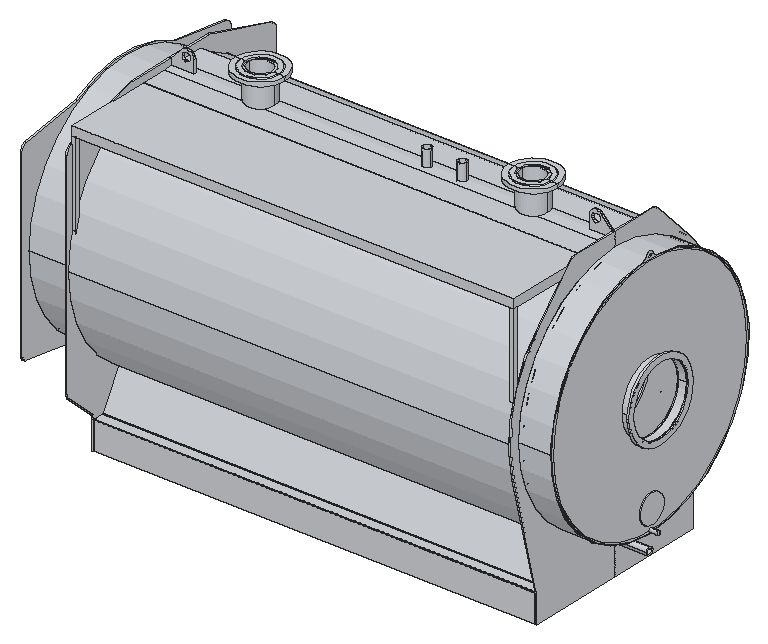
Revit family "BIMON_Котел_Водогрейный_TEMRON_WL1750", category Оборудование, Revit 2019
Family settings
  Размер круглого соединителя = Использовать диаметр
  Классификация = Нет
  Тип детали = Нормальный
  На основе рабочей плоскости = Нет
  Всегда вертикально = Да
  При загрузке вырезать с полостями = Нет
  Общий = Нет
  Точка расчета площади = Нет
Parameters
  УГО_Резмер [instance] = 0 mm
  УГО [instance] = yes
  Разработчик_Сайт = "https://www.bimon.ru/"
  Разработчик = "BIMON"  # constant formula
  Изготовитель = "Temron"  # constant formula
  URL = "https://temron.ru/catalog/temron-wl/main-wl/"
  TERMON_Расход уходящих газов = "2822 кг/ч"
  TEMRON_Теплопроизводительность = "1.75 МВт/1.504 (Гкал/ч)"
  TEMRON_Температура уходящих газов = "180-185 /185-190 °С"
  TEMRON_Температура на выходе из котла = "110 °С"
  TEMRON_Температура на входе в котёл = "60 °С"
  TEMRON_Сопротивление газового тракта = "7 мбар"
  TEMRON_Расход топлива для природного газа = "193.8 м³/ч"
  TEMRON_Расход воды через котел = "60.1 м³/ч"
  TEMRON_Номинальная производительность = "1.75 МВт"
  TEMRON_Максимальное рабочее давление = "0.6 МПа"
  TEMRON_Максимальная температура пара = 110 mm
  TEMRON_КПД = "92.4 %"
  TEMRON_Водяной объём котла = "1.85 м³"
  D5_Уходящие газы = 430 mm  # constant formula
  D4_Дренажный патрубок газового котла = 15 mm  # constant formula
  D3_Дренажный патрубок = 32 mm  # constant formula
  D2_Аварийная линия = 40 mm  # constant formula
  D1_Выход теплоносителя = 150 mm  # constant formula
  D1_Вход теплоносителя = 150 mm  # constant formula
  ADSK_Этаж [instance] = ""
  ADSK_Расход жидкости [instance] = 0.0 L/s
  ADSK_Расход воздуха [instance] = 0.0 L/s
  ADSK_Примечание [instance] = ""
  ADSK_Позиция [instance] = ""
  ADSK_Обозначение = ADSK_Марка  # "WL 1750"
  ADSK_Наименование краткое [instance] = "Котел низкого давления"
  ADSK_Наименование = "Водогрейный котел низкого давления"
  ADSK_Материал = none
  ADSK_Масса_Текст = "2801"
  ADSK_Масса = 2801  # constant formula
  ADSK_Марка = "WL 1750"  # constant formula
  ADSK_Количество = 1  # constant formula
  ADSK_Код изделия = ""
  ADSK_Завод-изготовитель = "Temron"  # constant formula
  ADSK_Единица измерения = "шт"  # constant formula
  ADSK_URL страницы изделия = "https://temron.ru/catalog/temron-wl/vodogreynye-kotly-nizkogo-davleniya-temron-wl-1750/"
Reference planes
  plane 1 "По центру (Вперед/Назад)": y = 0
  plane 2: z = 0
  plane 3 "По центру (Влево/Вправо)": x = 0
  plane 4: z = 1578
  plane 5: z = 1707
  plane 6: z = 1709
  plane 7: z = 1600.288
  plane 8: z = 985
  plane 9: z = 985
  plane 10: z = 985
  plane 11: z = 985
  plane 12: z = 1600.288
  plane 13: z = 985
  plane 14: z = 985
  plane 15: z = 985
Forms (mm)
  Extrusion 1, solid, detail levels fine
    sketch origin (0, 0, -65) x (0, 1, 0) y (0, 0, 1)
      loop
        circle (0, 1050) r 678
      loop
        circle (0, 1050) r 670
    from -1250 to 1240
  Extrusion 2, solid, detail levels fine
    sketch origin (-1260, 1234.069, 1135) x (0, 1, 0) y (0, 0, 1)
      loop
        circle (-1236.366, -150) r 678
      loop
        circle (-1236.366, -150) r 670
    from 0 to -10
  Extrusion 3, solid, detail levels fine
    sketch origin (-1260, 1234.069, 1135) x (0, 1, 0) y (0, 0, 1)
      loop
        circle (-1234.069, -150) r 678
      loop
        circle (-1234.069, -150) r 160
    from 0 to -1
  Extrusion 4, solid, detail levels fine
    sketch origin (1248.214, 1168.888, 1135) x (0, 1, 0) y (0, 0, 1)
      loop
        circle (-1168.888, -150) r 668
      loop
        circle (-1168.888, -150) r 678
    from 0 to 10
  Extrusion 5, solid, detail levels fine
    sketch origin (1248, 1168.888, 1135) x (0, 1, 0) y (0, 0, 1)
      loop
        circle (-1168.888, -150) r 678
      loop
        circle (-1168.888, -150) r 180
    from 0 to 10
  Extrusion 6, solid, detail levels fine
    sketch origin (-1260, 1234.069, 1510) x (0, 1, 0) y (0, 0, 1)
      loop
        line (-684.069, -1350) -> (-748.069, -1350) -> (-748.069, -1353.5)
        arc (-748.069, -1353.5) -> (-746.458, -1357.389) -> (-742.569, -1359) r 5.5
        line (-742.569, -1359) -> (-698.769, -1359)
        arc (-698.769, -1359) -> (-692.051, -1361.783) -> (-689.269, -1368.5) r 9.5
        line (-689.269, -1368.5) -> (-689.269, -1491.5)
        arc (-689.269, -1491.5) -> (-692.051, -1498.218) -> (-698.769, -1501) r 9.5
        line (-698.769, -1501) -> (-742.569, -1501)
        arc (-742.569, -1501) -> (-746.458, -1502.611) -> (-748.069, -1506.5) r 5.5
        line (-748.069, -1506.5) -> (-748.069, -1510) -> (-684.069, -1510) -> (-684.069, -1350)
      loop
        line (-1784.069, -1350) -> (-1784.069, -1510) -> (-1720.069, -1510) -> (-1720.069, -1506.5)
        arc (-1720.069, -1506.5) -> (-1721.68, -1502.611) -> (-1725.569, -1501) r 5.5
        line (-1725.569, -1501) -> (-1769.369, -1501)
        arc (-1769.369, -1501) -> (-1776.086, -1498.218) -> (-1778.869, -1491.5) r 9.5
        line (-1778.869, -1491.5) -> (-1778.869, -1368.5)
        arc (-1778.869, -1368.5) -> (-1776.086, -1361.783) -> (-1769.369, -1359) r 9.5
        line (-1769.369, -1359) -> (-1725.569, -1359)
        arc (-1725.569, -1359) -> (-1721.68, -1357.389) -> (-1720.069, -1353.5) r 5.5
        line (-1720.069, -1353.5) -> (-1720.069, -1350) -> (-1784.069, -1350)
    from 10 to 2500
  Sweep 7, solid, detail levels fine
    path origin (500, 0, -254.979) x (1, 0, 0) y (0, 0, 1)
      loop
        line (600, 579.979) -> (600, 529.979)
        arc (600, 529.979) -> (621.967, 476.946) -> (675, 454.979) r 75
        line (675, 454.979) -> (945, 454.979)
    profile origin (1100, 0, 300) x (0, -1, 0) y (1, 0, 0)
      loop
        circle (0, 0) r 21
      loop
        circle (0, 0) r 18
  Extrusion 8, solid, detail levels fine
    sketch origin (-1260, 1234.069, 1135) x (0, 1, 0) y (0, 0, 1)
      loop
        circle (-1236.366, -150) r 728
      loop
        circle (-1236.366, -150) r 729
    from 0 to 2500
  Extrusion 9, solid, detail levels fine
    sketch origin (-1260, 1234.069, 963) x (0, 1, 0) y (0, 0, 1)
      loop
        line (-1034.069, 652.488) -> (-1034.069, 746) -> (-1233.069, 746) -> (-1233.069, 730) -> (-1231.069, 730) -> (-1231.069, 744) -> (-1036.069, 744) -> (-1036.069, 652.488) -> (-1034.069, 652.488)
      loop
        line (-1237.065, 730) -> (-1235.065, 730) -> (-1235.065, 746) -> (-1434.069, 746) -> (-1434.069, 649) -> (-1432.069, 649) -> (-1432.069, 744) -> (-1237.065, 744) -> (-1237.065, 730)
    from 2500 to 0
  Extrusion 10, solid, detail levels fine
    sketch origin (-1260, 1234.069, 1510) x (0, 1, 0) y (0, 0, 1)
      loop
        line (-688.573, -1347) -> (-743.573, -1347)
        arc (-743.573, -1347) -> (-746.073, -1346.33) -> (-747.903, -1344.5) r 5
        line (-747.903, -1344.5) -> (-872.874, -1128.044)
        arc (-872.874, -1128.044) -> (-877.706, -1124.324) -> (-883.755, -1125.088) r 8
        line (-883.755, -1125.088) -> (-917.977, -1144.846) -> (-916.477, -1147.445) -> (-882.336, -1127.733)
        arc (-882.336, -1127.733) -> (-878.527, -1127.209) -> (-875.472, -1129.544) r 5
        line (-875.472, -1129.544) -> (-750.493, -1346)
        arc (-750.493, -1346) -> (-747.565, -1348.928) -> (-743.565, -1350) r 8
        line (-743.565, -1350) -> (-688.573, -1350) -> (-688.573, -1347)
      loop
        line (-1779.565, -1347) -> (-1779.565, -1350) -> (-1724.573, -1350)
        arc (-1724.573, -1350) -> (-1720.573, -1348.928) -> (-1717.645, -1346) r 8
        line (-1717.645, -1346) -> (-1592.666, -1129.544)
        arc (-1592.666, -1129.544) -> (-1589.611, -1127.209) -> (-1585.802, -1127.733) r 5
        line (-1585.802, -1127.733) -> (-1551.661, -1147.445) -> (-1550.161, -1144.846) -> (-1584.383, -1125.088)
        arc (-1584.383, -1125.088) -> (-1590.432, -1124.324) -> (-1595.264, -1128.044) r 8
        line (-1595.264, -1128.044) -> (-1720.235, -1344.5)
        arc (-1720.235, -1344.5) -> (-1722.065, -1346.33) -> (-1724.565, -1347) r 5
        line (-1724.565, -1347) -> (-1779.565, -1347)
    from 10 to 2500
  Revolve 11, solid, detail levels fine
    sketch origin (0, 0, -65) x (1, 0, 0) y (0, 0, 1)
      loop
        line (-1263, 600) -> (-1263, 590) -> (931, 590)
        spline (931, 590) -> (962.914, 594.181) -> (993.957, 606.519) -> (1023.481, 626.554) -> (1051.056, 653.741) -> (1076.35, 687.534) -> (1099.044, 727.34) -> (1118.842, 772.477) -> (1135.458, 822.23) -> (1148.661, 875.768) -> (1158.245, 932.203) -> (1164.053, 990.607) -> (1166, 1050)
        line (1166, 1050) -> (1156, 1050)
        spline (1156, 1050) -> (1154.075, 991.263) -> (1148.333, 933.531) -> (1138.873, 877.792) -> (1125.856, 825) -> (1109.505, 776.057) -> (1090.099, 731.802) -> (1067.971, 692.991) -> (1043.5, 660.289) -> (1017.104, 634.254) -> (989.234, 615.333) -> (960.368, 603.85) -> (931, 600)
        line (931, 600) -> (-1263, 600)
      axis (-1263, 1050) -> (1166, 1050)
    angle from 0 to 360
  Revolve 12, solid, detail levels fine
    sketch origin (500, 0, -65) x (1, 0, 0) y (0, 0, 1)
      loop
        line (758, 1441) -> (541, 1441) -> (560.459, 1408.74) -> (758, 1408.74) -> (758, 1427.442) -> (758, 1441)
      axis (541, 1050) -> (758, 1050)
    angle from 0 to 360
  Revolve 13, solid, detail levels fine
    sketch origin (500, 0, -65) x (1, 0, 0) y (0, 0, 1)
      loop
        line (784.575, 1238.5) -> (638.657, 1238.5) -> (638.657, 1050) -> (646.657, 1050) -> (646.657, 1229.503) -> (784.575, 1229.503) -> (784.575, 1238.5)
      axis (784.575, 1050) -> (638.657, 1050)
    angle from 0 to 360
  Revolve 14, solid, detail levels fine
    sketch origin (790, 0, 1666.63) x (1, 0, 0) y (0, 0, 1)
      loop
        line (-79.5, 188.37) -> (-79.5, 212.37) -> (-106, 212.37) -> (-109, 209.37) -> (-140, 209.37) -> (-140, 188.37) -> (-79.5, 188.37)
      axis (0, 212.37) -> (0, 188.37)
    angle from 0 to 360
  Extrusion 15, solid, detail levels fine
    sketch origin (-1570, 0, 985) x (0, 1, 0) y (0, 0, 1)
      loop
        circle (0, 0) r 691
      loop
        circle (0, 0) r 685
    from 65 to 300
  Revolve 16, solid, detail levels fine
    sketch origin (-1570, 0, 985) x (1, 0, 0) y (0, 0, 1)
      loop
        line (300, -685) -> (300, -655) -> (239.893, -655) -> (68, -655)
        arc (68, -655) -> (65.879, -655.879) -> (65, -658) r 3
        line (65, -658) -> (65, -685) -> (300, -685)
      axis (65, 0) -> (300, 0)
    angle from 0 to 360
  Extrusion 17, solid, detail levels fine
    sketch origin (-1505, 0, 985) x (0, 1, 0) y (0, 0, 1)
      loop
        line (342.885, -604.528) -> (701.07, -549.537)
        arc (701.07, -549.537) -> (725.355, -536.05) -> (735, -510) r 40
        line (735, -510) -> (735, 510)
        arc (735, 510) -> (725.355, 536.05) -> (701.07, 549.537) r 40
        line (701.07, 549.537) -> (342.885, 604.528)
        arc (342.885, 604.528) -> (0, 694.999) -> (-342.885, 604.528) r 694.999
        line (-342.885, 604.528) -> (-701.07, 549.537)
        arc (-701.07, 549.537) -> (-725.355, 536.05) -> (-735, 510) r 40
        line (-735, 510) -> (-735, -510)
        arc (-735, -510) -> (-725.355, -536.05) -> (-701.07, -549.537) r 40
        line (-701.07, -549.537) -> (-342.885, -604.528)
        arc (-342.885, -604.528) -> (0, -694.999) -> (342.885, -604.528) r 694.999
      loop
        circle (-2.297, 0) r 160
    from 0 to -10
  Extrusion 18, solid, detail levels fine
    sketch origin (-1223.3, -1524, 2018.003) x (0, 0, 1) y (0, -1, 0)
      loop
        circle (-1033.003, -1524) r 220
      loop
        circle (-1033.003, -1524) r 250
    from -301.7 to -291.7
  Extrusion 19, solid, detail levels fine
    sketch origin (-1231.336, -1524, 2018.003) x (0, 0, 1) y (0, -1, 0)
      loop
        circle (-1033.003, -1524) r 250
    from -309.664 to -293.664
  Extrusion 20, solid, detail levels fine
    sketch origin (1515, 0, 984.999) x (0, -1, 0) y (0, 0, 1)
      loop
        circle (0, 0) r 691
      loop
        circle (0, 0) r 685
    from 67 to 252
  Extrusion 21, solid, detail levels fine
    sketch origin (1445, 0, 985) x (0, -1, 0) y (0, 0, 1)
      loop
        circle (0, 0) r 197.5
      loop
        circle (0, -565) r 65
      loop
        arc (45.779, 693.49) -> (33.247, 697.783) -> (24.668, 707.877) r 25
        line (24.668, 707.877) -> (20.392, 717.046)
        arc (20.392, 717.046) -> (0, 730.038) -> (-20.392, 717.046) r 22.5
        line (-20.392, 717.046) -> (-24.668, 707.877)
        arc (-24.668, 707.877) -> (-33.247, 697.783) -> (-45.779, 693.49) r 25
        arc (-45.779, 693.49) -> (0, -694.999) -> (45.779, 693.49) r 694.999
      loop
        circle (0, 707.538) r 12.5
    from 0 to -3
  Extrusion 22, solid, detail levels fine
    sketch origin (1447, 0, 985) x (0, -1, 0) y (0, 0, 1)
      loop
        circle (0, 0) r 197.5
      loop
        circle (0, 0) r 200.5
    from -1 to -51
  Extrusion 23, solid, detail levels fine
    sketch origin (1447, 0, 985) x (0, -1, 0) y (0, 0, 1)
      loop
        circle (0, 0) r 225
      loop
        circle (0, 0) r 195
    from -63 to -51
  Revolve 24, solid, detail levels fine
    sketch origin (2025, 0, 985) x (-1, 0, 0) y (0, 0, 1)
      loop
        line (745, -655.001) -> (745, -685.001) -> (765, -685.001) -> (765, -655.001) -> (745, -655.001)
      axis (745, 0) -> (765, 0)
    angle from 0 to 360
  Extrusion 25, solid, detail levels fine
    sketch origin (1150, 0, 1828.988) x (-1, 0, 0) y (0, 0, 1)
      loop
        line (-30.78, -18.84) -> (-90, -85.988) -> (-90, -165.988) -> (40, -165.988) -> (40, -45.988)
        arc (40, -45.988) -> (13.936, -8.1) -> (-30.78, -18.84) r 40.606
      loop
        circle (0, -45.988) r 25
    from -5 to 5
  Extrusion 26, solid, detail levels fine
    sketch origin (1250, 5725.278, 2379.673) x (0, -1, 0) y (0, 0, -1)
      loop
        line (5725.278, 2379.673) -> (5725.278, 2204.673)
        arc (5725.278, 2204.673) -> (5750.278, 2179.673) -> (5725.278, 2154.673) r 25
        line (5725.278, 2154.673) -> (5725.278, 2072.673)
        arc (5725.278, 2072.673) -> (6403.8, 1394.934) -> (5725.8, 716.673) r 678
        line (5725.8, 716.673) -> (5725.8, 634.673) -> (5995.278, 634.673)
        arc (5995.278, 634.673) -> (6014.739, 638.616) -> (6031.131, 649.823) r 50
        line (6031.131, 649.823) -> (6252.316, 882.369)
        arc (6252.316, 882.369) -> (6435.392, 1205.036) -> (6437.556, 1576.017) r 735
        line (6437.556, 1576.017) -> (6276.824, 2207.337)
        arc (6276.824, 2207.337) -> (6275.666, 2213.457) -> (6275.278, 2219.673) r 50
        line (6275.278, 2219.673) -> (6275.278, 2379.673) -> (5725.278, 2379.673)
    from -2 to -10
  Extrusion 27, solid, detail levels fine
    sketch origin (-1260, -1234.069, 1135) x (0, -1, 0) y (0, 0, -1)
      loop
        line (-1794.829, 944.013) -> (-1958.309, 795.987)
        arc (-1958.309, 795.987) -> (-1966.302, 781.401) -> (-1969.069, 765) r 50
        line (-1969.069, 765) -> (-1969.069, -435)
        arc (-1969.069, -435) -> (-1961.309, -461.754) -> (-1940.438, -480.204) r 50
        line (-1940.438, -480.204) -> (-1525.438, -605.204)
        arc (-1525.438, -605.204) -> (-1515.019, -608.786) -> (-1504.069, -610) r 50
        line (-1504.069, -610) -> (-1234.069, -610) -> (-1234.069, -528)
        arc (-1234.069, -528) -> (-1912.069, 150) -> (-1234.069, 828) r 678
        line (-1234.069, 828) -> (-1234.069, 1135) -> (-1784.069, 1135) -> (-1784.069, 975)
        arc (-1784.069, 975) -> (-1786.835, 958.599) -> (-1794.829, 944.013) r 50
    from 0 to 10
  Extrusion 28, solid, detail levels fine
    sketch origin (1448, 0, 880) x (0, 1, 0) y (0, 0, 1)
      loop
        circle (0, -460) r 80
      loop
        circle (0, -387.5) r 4.75
      loop
        circle (62.787, -496.25) r 4.75
      loop
        circle (-62.787, -496.25) r 4.75
    from 0 to 13
  Extrusion 29, solid, detail levels fine
    sketch origin (-3753.688, -1524, 1200) x (-1, 0, 0) y (0, -1, 0)
      loop
        circle (-4143.688, -1524) r 23.9
      loop
        circle (-4143.688, -1524) r 22.4
    from 448 to 600
  Sweep 30, solid, detail levels fine
    path origin (-145.676, 0, 482.193) x (0.985926, 0, 0.167181) y (-0.167181, 0, 0.985926)
      loop
        line (-1179.33, 1175.923) -> (-1218.406, 1197.703)
    profile origin (-1526.084, 0, 1451.875) x (-0.333982, 0, -0.942579) y (0, -1, 0)
      loop
        circle (0, 0.103) r 24
  Sweep 31, solid, detail levels fine
    path origin (-127.786, 0, 475.548) x (0.985926, 0, 0.167181) y (-0.167181, 0, 0.985926)
      loop
        line (-1234.933, 1207.246) -> (-1264.633, 1223.8)
    profile origin (-1563.192, 0, 1465.023) x (-0.333982, 0, -0.942579) y (0, -1, 0)
      loop
        circle (0, 0) r 30
  Extrusion 32, solid, detail levels fine
    sketch origin (-1160, 0, 1828.988) x (1, 0, 0) y (0, 0, -1)
      loop
        arc (-30.78, 18.84) -> (13.936, 8.1) -> (40, 45.988) r 40.606
        line (40, 45.988) -> (40, 165.988) -> (-90, 165.988) -> (-90, 85.988) -> (-30.78, 18.84)
      loop
        circle (0, 45.988) r 25
    from -5 to 5
  Extrusion 33, solid, detail levels fine
    sketch origin (790.127, 0, 1650) x (1, 0, 0) y (0, 1, 0)
      loop
        circle (0, 0) r 80
      loop
        circle (0, 0) r 66.5
    from -5 to 226
  Extrusion 34, solid, detail levels fine
    sketch origin (-1260, 171.997, 969) x (0, 1, 0) y (0, 0, 1)
      loop
        line (-871.997, 740) -> (-871.997, 690) -> (-371.997, 690) -> (-371.997, 740) -> (-871.997, 740)
    from 10 to 2500
  Extrusion 35, solid, detail levels fine
    sketch origin (-1307.815, -1304.985, 1629) x (-1, 0, 0) y (0, -1, 0)
      loop
        line (-57.815, -624.985) -> (-57.815, -604.985) -> (-77.815, -604.985) -> (-77.815, -624.985) -> (-57.815, -624.985)
      loop
        line (-2527.815, -624.985) -> (-2527.815, -604.985) -> (-2547.815, -604.985) -> (-2547.815, -624.985) -> (-2527.815, -624.985)
    from -616 to 30
  Extrusion 36, solid, detail levels fine
    sketch origin (-1260, 1234.069, 1135) x (0, 1, 0) y (0, 0, 1)
      loop
        arc (-1794.829, -944.013) -> (-1786.835, -958.599) -> (-1784.069, -975) r 50
        line (-1784.069, -975) -> (-1784.069, -1135) -> (-1234.069, -1135) -> (-1234.069, -828)
        arc (-1234.069, -828) -> (-1912.069, -150) -> (-1234.069, 528) r 678
        line (-1234.069, 528) -> (-1234.069, 610) -> (-1504.069, 610)
        arc (-1504.069, 610) -> (-1515.019, 608.786) -> (-1525.438, 605.204) r 50
        line (-1525.438, 605.204) -> (-1940.438, 480.204)
        arc (-1940.438, 480.204) -> (-1961.309, 461.754) -> (-1969.069, 435) r 50
        line (-1969.069, 435) -> (-1969.069, -765)
        arc (-1969.069, -765) -> (-1966.302, -781.401) -> (-1958.309, -795.987) r 50
        line (-1958.309, -795.987) -> (-1794.829, -944.013)
    from 0 to 10
  Extrusion 37, solid, detail levels fine
    sketch origin (1250, -5725.278, 2379.673) x (0, 1, 0) y (0, 0, 1)
      loop
        line (5725.278, -2379.673) -> (6275.278, -2379.673) -> (6275.278, -2219.673)
        arc (6275.278, -2219.673) -> (6275.666, -2213.457) -> (6276.824, -2207.337) r 50
        line (6276.824, -2207.337) -> (6437.556, -1576.017)
        arc (6437.556, -1576.017) -> (6435.392, -1205.036) -> (6252.316, -882.369) r 735
        line (6252.316, -882.369) -> (6031.131, -649.823)
        arc (6031.131, -649.823) -> (6014.739, -638.616) -> (5995.278, -634.673) r 50
        line (5995.278, -634.673) -> (5725.8, -634.673) -> (5725.8, -716.673)
        arc (5725.8, -716.673) -> (6403.8, -1394.934) -> (5725.278, -2072.673) r 678
        line (5725.278, -2072.673) -> (5725.278, -2154.673)
        arc (5725.278, -2154.673) -> (5750.278, -2179.673) -> (5725.278, -2204.673) r 25
        line (5725.278, -2204.673) -> (5725.278, -2379.673)
    from -2 to -10
  Revolve 38, solid, detail levels fine
    sketch origin (-750, 0, 1666.63) x (1, 0, 0) y (0, 0, 1)
      loop
        line (-79.5, 188.37) -> (-79.5, 212.37) -> (-106, 212.37) -> (-109, 209.37) -> (-140, 209.37) -> (-140, 188.37) -> (-79.5, 188.37)
      axis (0, 212.37) -> (0, 188.37)
    angle from 0 to 360
  Extrusion 39, solid, detail levels fine
    sketch origin (-749.873, 0, 1650) x (1, 0, 0) y (0, 1, 0)
      loop
        circle (0, 0) r 80
      loop
        circle (0, 0) r 66.5
    from -5 to 226
  Extrusion 40, solid, detail levels fine
    sketch origin (-3953.688, -1524, 1200) x (-1, 0, 0) y (0, -1, 0)
      loop
        circle (-4143.688, -1524) r 23.9
      loop
        circle (-4143.688, -1524) r 22.4
    from 448 to 600
  Revolve 41, solid, detail levels fine
    sketch origin (-1359.916, 0, 985) x (1, 0, 0) y (0, 0, 1)
      loop
        line (-145.084, 160) -> (89.916, 160) -> (89.916, 685) -> (-145.084, 685) -> (-145.084, 160)
      axis (89.916, 0) -> (-145.084, 0)
    angle from 0 to 360
  Revolve 42, solid
    sketch origin (672, 0, 140.679) x (1, 0, 0) y (0, 0, 1)
      loop
        line (776, 169.32) -> (826, 169.32) -> (826, 179.32) -> (776, 179.32) -> (776, 169.32)
      axis (776, 169.32) -> (826, 169.32)
    angle from 0 to 360
Lines and regions (mm)
  model lines, detail levels coarse+medium
    curve 1: line (-1600, 0, 2585) -> (1600, 0, 2585)
    curve 2: line (-1600, 0, -615) -> (-1600, 0, 2585)
    curve 3: line (1600, 0, -615) -> (-1600, 0, -615)
    curve 4: line (1600, 0, 2585) -> (1600, 0, -615)
Dimensions and locks
  plane 9 to level = 985 mm
  plane 10 to level = 985 mm
  plane 11 to level = 985 mm
  Revolve 41 sketch curve to Revolve 41 sketch curve = 160 mm
  Revolve 41 sketch curve to Revolve 41 sketch curve = 685 mm
  plane 3 "По центру (Влево/Вправо)" to curve 2 = 1600 mm
  curve 4 to plane 3 "По центру (Влево/Вправо)" = 1600 mm
  curve 1 to plane 15 = 1600 mm
  plane 15 to curve 3 = 1600 mm
  nested 3 to nested 3 = 3200 mm
  aligned and locked: level to plane 2
  aligned and locked: Extrusion 6 to Extrusion 1
  aligned and locked: Extrusion 1 to Extrusion 6
  aligned and locked: Extrusion 17 to Sweep 30 sketch curve
Nested families
  nested 1: "Надпись_Temron_крышка_WL1750" at (-1515, -306, 1315) x (0, -1, 0) z (1, 0, 0), type "Надпись_Temron_крышка_WL1750", detail levels fine
  nested 2: "Надпись_Temron_бак_WL1750" at (0, -2.297, 985) x (-1, 0, 0) z (0, 0, 1), type "Надпись_Temron_бак_WL1750", detail levels fine
  nested 3: "УГО_Котел_Разрез" at (0, 0, 0), visible <- "УГО", type "УГО_Котел_Разрез", detail levels coarse+medium
    with H 3200 mm
Connectors
  piping at (1498, 0, 309.999), diameter 15, driven by "D4_Дренажный патрубок газового котла"
    settings: on Revolve 42, index 16, connector inside diameter 609.6 mm, connector length 0 mm, flow factor 0, pipe flow 0.0 L/s, pressure drop 0.0 Pa, fitting loss kfactor 0, connector angle 0.00°, fixture units 0, engagement length 0 mm, angle of deflection 0.00°, flow configuration 1, flow direction 1, fitting loss method 0, system type 29, joint type 0, gender type 0, connector reference index -1, connector utility 0, adjustable connector no, is connector primary yes, connector description ""
  piping at (1445, 0, 200), diameter 32, driven by "D3_Дренажный патрубок"
    settings: on Sweep 7, index 17, connector inside diameter 609.6 mm, connector length 0 mm, flow factor 0, pipe flow 0.0 L/s, pressure drop 0.0 Pa, fitting loss kfactor 0, connector angle 0.00°, fixture units 0, engagement length 0 mm, angle of deflection 0.00°, flow configuration 1, flow direction 1, fitting loss method 0, system type 29, joint type 0, gender type 0, connector reference index -1, connector utility 0, adjustable connector no, is connector primary no, connector description ""
  piping at (790.127, 0, 1876), diameter 150, driven by "D1_Вход теплоносителя"
    settings: on Extrusion 33, index 18, connector inside diameter 609.6 mm, connector length 0 mm, flow factor 0, pipe flow 0.0 L/s, pressure drop 0.0 Pa, fitting loss kfactor 0, connector angle 0.00°, fixture units 0, engagement length 0 mm, angle of deflection 0.00°, flow configuration 0, flow direction 0, fitting loss method 0, system type 29, joint type 0, gender type 0, connector reference index -1, connector utility 0, adjustable connector no, is connector primary no, connector description ""
  piping at (-749.873, 0, 1876), diameter 150, driven by "D1_Выход теплоносителя"
    settings: on Extrusion 39, index 19, connector inside diameter 609.6 mm, connector length 0 mm, flow factor 0, pipe flow 0.0 L/s, pressure drop 0.0 Pa, fitting loss kfactor 0, connector angle 0.00°, fixture units 0, engagement length 0 mm, angle of deflection 0.00°, flow configuration 0, flow direction 0, fitting loss method 0, system type 29, joint type 0, gender type 0, connector reference index -1, connector utility 0, adjustable connector no, is connector primary no, connector description ""
  piping at (190, 0, 1800), diameter 40, driven by "D2_Аварийная линия"
    settings: on Extrusion 40, index 20, connector inside diameter 609.6 mm, connector length 0 mm, flow factor 0, pipe flow 0.0 L/s, pressure drop 0.0 Pa, fitting loss kfactor 0, connector angle 0.00°, fixture units 0, engagement length 0 mm, angle of deflection 0.00°, flow configuration 0, flow direction 0, fitting loss method 0, system type 29, joint type 0, gender type 0, connector reference index -1, connector utility 0, adjustable connector no, is connector primary no, connector description ""
  piping at (390, 0, 1800), diameter 40, driven by "D2_Аварийная линия"
    settings: on Extrusion 29, index 21, connector inside diameter 609.6 mm, connector length 0 mm, flow factor 0, pipe flow 0.0 L/s, pressure drop 0.0 Pa, fitting loss kfactor 0, connector angle 0.00°, fixture units 0, engagement length 0 mm, angle of deflection 0.00°, flow configuration 0, flow direction 0, fitting loss method 0, system type 29, joint type 0, gender type 0, connector reference index -1, connector utility 0, adjustable connector no, is connector primary no, connector description ""
  hvac at (1510, 0, 985), driven by "D5_Уходящие газы"
    settings: on Extrusion 23, index 22, duct flow 0.0 L/s, flow factor 0, pres drop 0.0 Pa, loss coef 0, conn angle 0.00°, conn width 304.8 mm, conn height 304.8 mm, conn diameter 430 mm, duct sys type 29, conn prof type 0, flow config 1, flow direction 2, loss method 0, conn ref index -1, conn util no, is conn primary yes, conn desc ""
Definition of nested family "Надпись_Temron_крышка_WL1750"
  Parameters (values of type "Надпись_Temron_крышка_WL800")
    Default Elevation = 1219.2 mm
    Красный = none
    Белый = none
  Reference planes
    plane 1 "По центру (Вперед/Назад)": y = 0
    plane 2: z = 0
    plane 3 "По центру (Влево/Вправо)": x = 0
    plane 4: z = -0.5
    plane 5: z = -1
  Forms (mm)
    Extrusion 1, solid
      sketch origin (0, 0, 0) x (1, 0, 0) y (0, 1, 0)
        loop
          line (-1219.2, 1219.2) -> (-1219.2, -1219.2) -> (1300.204, -1219.2) -> (1300.204, 1219.2) -> (-1219.2, 1219.2)
      from 0 to -304.8
    Extrusion 2, solid, material <- "Белый"
      sketch origin (0, 0, 0) x (1, 0, 0) y (0, 1, 0)
        loop
          line (-150, 36.22) -> (-150, -36.22) -> (150, -36.22) -> (150, 36.22) -> (-150, 36.22)
      from -0.5 to 0
    Extrusion 3, solid, material <- "Красный"
      sketch origin (0, 0, 0) x (1, 0, 0) y (0, 1, 0)
        loop
          line (-150, -21.546) -> (-107.313, -21.546) -> (-107.313, -12.491) -> (-120.248, -12.491) -> (-120.248, 22.435) -> (-125.422, 22.435) -> (-131.89, 22.435) -> (-131.89, -12.491) -> (-150, -12.491) -> (-150, -21.546)
        loop
          line (-100.647, -21.546) -> (-69.471, -21.546) -> (-69.471, -12.491) -> (-90.168, -12.491) -> (-90.168, -3.436) -> (-72.058, -3.436) -> (-72.058, 4.325) -> (-90.168, 4.325) -> (-90.168, 13.38) -> (-69.471, 13.38) -> (-69.471, 22.435) -> (-100.647, 22.435) -> (-100.647, -21.546)
        loop
          line (-61.763, -21.546) -> (-49.852, -21.546) -> (-37.893, -4.466) -> (-25.526, -21.546) -> (-13.901, -21.546) -> (-13.901, 22.435) -> (-13.901, 36.22) -> (-25.543, 36.22) -> (-25.543, -3.436) -> (-34.749, 9.279) -> (-41.217, 9.279) -> (-50.12, -3.436) -> (-50.12, 22.435) -> (-61.763, 22.435) -> (-61.763, -21.546)
        loop
          line (-4.868, -21.546) -> (20.529, -21.546)
          spline (20.529, -21.546) -> (23.36, -20.809) -> (25.985, -19.266) -> (28.246, -17.012) -> (30.005, -14.181) -> (31.157, -10.946) -> (31.631, -7.503) -> (31.399, -4.059) -> (30.475, -0.824) -> (28.914, 2.006) -> (26.812, 4.261) -> (24.295, 5.804) -> (21.516, 6.541)
          line (21.516, 6.541) -> (32.646, 22.435) -> (21.16, 22.435) -> (12.54, 10.124)
          arc (12.54, 10.124) -> (8.195, 8.649) -> (5.481, 12.35) r 3.881
          line (5.481, 12.35) -> (5.481, 22.435) -> (-4.868, 22.435) -> (-4.868, -21.546)
        loop
          line (89.798, -21.546) -> (100.146, -21.546) -> (120.809, 7.963) -> (120.809, -21.546) -> (132.451, -21.546) -> (132.451, 22.435) -> (117.814, 22.435) -> (101.44, -0.95) -> (101.44, 22.435) -> (89.798, 22.435) -> (89.798, -21.546)
        loop
          line (5.481, 0) -> (5.481, -11.642) -> (14.679, -11.642)
          arc (14.679, -11.642) -> (20.5, -5.821) -> (14.679, 0) r 5.821
          line (14.679, 0) -> (5.481, 0)
        loop
          spline (59.714, -13.38) -> (62.728, -12.924) -> (65.535, -11.587) -> (67.947, -9.461) -> (69.797, -6.69) -> (70.96, -3.463) -> (71.356, 0) -> (70.96, 3.463) -> (69.797, 6.69) -> (67.947, 9.461) -> (65.535, 11.587) -> (62.728, 12.924) -> (59.714, 13.38)
          spline (59.714, 13.38) -> (56.701, 12.924) -> (53.893, 11.587) -> (51.482, 9.461) -> (49.632, 6.69) -> (48.469, 3.463) -> (48.072, 0) -> (48.469, -3.463) -> (49.632, -6.69) -> (51.482, -9.461) -> (53.893, -11.587) -> (56.701, -12.924) -> (59.714, -13.38)
        loop
          spline (59.714, -22.435) -> (65.406, -21.671) -> (70.71, -19.429) -> (75.264, -15.864) -> (78.759, -11.217) -> (80.956, -5.807) -> (81.705, 0) -> (80.956, 5.807) -> (78.759, 11.217) -> (75.264, 15.864) -> (70.71, 19.429) -> (65.406, 21.671) -> (59.714, 22.435)
          spline (59.714, 22.435) -> (54.023, 21.671) -> (48.719, 19.429) -> (44.165, 15.864) -> (40.67, 11.217) -> (38.473, 5.807) -> (37.724, 0) -> (38.473, -5.807) -> (40.67, -11.217) -> (44.165, -15.864) -> (48.719, -19.429) -> (54.023, -21.671) -> (59.714, -22.435)
      from -0.5 to -1
  Dimensions and locks
    level to plane 4 = 0.5 mm
    level to plane 5 = 1 mm
    aligned and locked: plane 2 to Extrusion 1
    aligned and locked: level to Extrusion 1
    aligned and locked: level to Extrusion 2
    aligned and locked: Extrusion 2 to plane 4
    aligned and locked: Extrusion 2 to Extrusion 3
    aligned and locked: Extrusion 3 to plane 5
Definition of nested family "Надпись_Temron_бак_WL1750"
  Parameters (values of type "Надпись_Temron_бак_WL1500")
    Default Elevation = 1219.2 mm
    Красный = none
  Reference planes
    plane 1 "По центру (Вперед/Назад)": y = 0
    plane 2: z = 0
    plane 3 "По центру (Влево/Вправо)": x = 0
    plane 4: x = -600
    plane 5: x = 600
    plane 6: z = 150
    plane 7: z = -150
    plane 8: y = -300
  Forms (mm)
    Extrusion 1, solid, material <- "Красный"
      sketch origin (4267.2, -300, 603.455) x (0, 0, 1) y (1, 0, 0)
        loop
          line (-418.455, -5007.2) -> (-418.455, -3527.2) -> (-788.455, -3527.2) -> (-788.455, -4315.716) -> (-724.405, -4315.716) -> (-500.949, -4315.716) -> (-500.949, -4374.783) -> (-587.727, -4437.613) -> (-500.949, -4498.375) -> (-500.949, -4558.889) -> (-724.405, -4558.889) -> (-724.405, -4499.739) -> (-592.96, -4499.739) -> (-657.564, -4454.503) -> (-657.564, -4421.641) -> (-592.96, -4374.866) -> (-788.455, -4374.866) -> (-788.455, -5007.2) -> (-546.955, -5007.2) -> (-546.955, -4915.189) -> (-724.405, -4915.189) -> (-724.405, -4856.039) -> (-546.955, -4856.039) -> (-546.955, -4790.316) -> (-500.949, -4790.316) -> (-500.949, -5007.2) -> (-418.455, -5007.2)
        loop
          line (-500.949, -4756.449) -> (-500.949, -4598.053) -> (-546.955, -4598.053) -> (-546.955, -4703.208) -> (-592.96, -4703.208) -> (-592.96, -4611.197) -> (-632.394, -4611.197) -> (-632.394, -4703.208) -> (-678.399, -4703.208) -> (-678.399, -4598.053) -> (-724.405, -4598.053) -> (-724.405, -4756.449) -> (-500.949, -4756.449)
        loop
          line (-724.405, -4269.821) -> (-500.949, -4269.821) -> (-500.949, -4140.786)
          spline (-500.949, -4140.786) -> (-504.693, -4126.404) -> (-512.531, -4113.067) -> (-523.987, -4101.581) -> (-538.369, -4092.641) -> (-554.805, -4086.79) -> (-572.299, -4084.381) -> (-589.794, -4085.561) -> (-606.23, -4090.257) -> (-620.611, -4098.185) -> (-632.068, -4108.866) -> (-639.905, -4121.653) -> (-643.65, -4135.771)
          line (-643.65, -4135.771) -> (-724.405, -4079.226) -> (-724.405, -4137.579) -> (-661.858, -4181.375)
          arc (-661.858, -4181.375) -> (-654.363, -4203.455) -> (-673.167, -4217.243) r 19.717
          line (-673.167, -4217.243) -> (-724.405, -4217.243) -> (-724.405, -4269.821)
        loop
          arc (-551.268, -4170.511) -> (-580.843, -4140.936) -> (-610.418, -4170.511) r 29.575
          line (-610.418, -4170.511) -> (-610.418, -4217.243) -> (-551.268, -4217.243) -> (-551.268, -4170.511)
        loop
          spline (-542.438, -3941.696) -> (-544.754, -3926.387) -> (-551.545, -3912.121) -> (-562.349, -3899.871) -> (-576.428, -3890.471) -> (-592.824, -3884.562) -> (-610.418, -3882.546) -> (-628.013, -3884.562) -> (-644.409, -3890.471) -> (-658.488, -3899.871) -> (-669.291, -3912.121) -> (-676.083, -3926.387) -> (-678.399, -3941.696)
          spline (-678.399, -3941.696) -> (-676.083, -3957.006) -> (-669.291, -3971.272) -> (-658.488, -3983.522) -> (-644.409, -3992.922) -> (-628.013, -3998.831) -> (-610.418, -4000.847) -> (-592.824, -3998.831) -> (-576.428, -3992.922) -> (-562.349, -3983.522) -> (-551.545, -3971.272) -> (-544.754, -3957.006) -> (-542.438, -3941.696)
        loop
          spline (-496.432, -3941.696) -> (-500.316, -3912.779) -> (-511.703, -3885.833) -> (-529.818, -3862.693) -> (-553.425, -3844.937) -> (-580.917, -3833.776) -> (-610.418, -3829.969) -> (-639.92, -3833.776) -> (-667.412, -3844.937) -> (-691.019, -3862.693) -> (-709.133, -3885.833) -> (-720.521, -3912.779) -> (-724.405, -3941.696)
          spline (-724.405, -3941.696) -> (-720.521, -3970.614) -> (-709.133, -3997.56) -> (-691.019, -4020.7) -> (-667.412, -4038.456) -> (-639.92, -4049.617) -> (-610.418, -4053.424) -> (-580.917, -4049.617) -> (-553.425, -4038.456) -> (-529.818, -4020.7) -> (-511.703, -3997.56) -> (-500.316, -3970.614) -> (-496.432, -3941.696)
        loop
          line (-724.405, -3788.85) -> (-500.949, -3788.85) -> (-500.949, -3736.272) -> (-650.876, -3631.292) -> (-500.949, -3631.292) -> (-500.949, -3572.142) -> (-724.405, -3572.142) -> (-724.405, -3646.507) -> (-605.594, -3729.7) -> (-724.405, -3729.7) -> (-724.405, -3788.85)
      from 0 to -462.513
    Extrusion 2, void
      sketch origin (0, 366.649, -506.998) x (0, 1, 0) y (0, 0, 1)
        loop
          circle (-366.649, 506.998) r 729
      from -1351.217 to 1540.529
    Extrusion 3, void
      sketch origin (0, 0, 0) x (0, 1, 0) y (0, 0, 1)
        loop
          circle (0, 0) r 730
        loop
          circle (0, 0) r 860
      from -1499.991 to 995.39
  Cuts and joins
    Extrusion 2, Extrusion 3 cuts Extrusion 1
  Dimensions and locks
    plane 5 to plane 3 "По центру (Влево/Вправо)" to plane 4 = 600 mm, 600 mm
    plane 6 to level = 150 mm
    level to plane 7 = 150 mm
    plane 8 to plane 1 "По центру (Вперед/Назад)" = 300 mm
    radius of Extrusion 2 sketch curve = 729 mm
    aligned and locked: level to plane 2
Definition of nested family "УГО_Котел_Разрез"
  Parameters (values of type "УГО_Котел_Разрез")
    H [instance] = 250 mm
  Reference planes
    plane 1 "По центру (Вперед/Назад)": y = 0
    plane 2: z = 0
    plane 3 "По центру (Влево/Вправо)": x = 0
  Lines and regions (mm)
    detail lines, in view "Опорный уровень"
      curve 1: line (-125, 125, 0) -> (125, 125, 0)
      curve 2: line (-125, -125, 0) -> (-125, 125, 0)
      curve 3: line (125, -125, 0) -> (-125, -125, 0)
      curve 4: line (125, 125, 0) -> (125, -125, 0)
  Dimensions and locks
    equal spacing: curve 2, plane 3 "По центру (Влево/Вправо)", curve 4
    equal spacing: curve 3, plane 1 "По центру (Вперед/Назад)", curve 1
    "H": curve 1 to curve 3
    "H": curve 2 to curve 4
